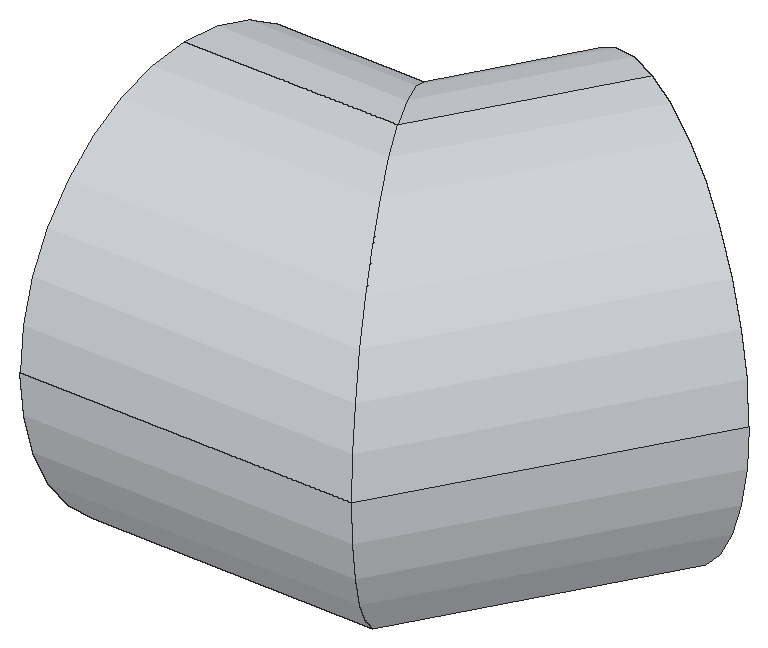
Revit family "c907300969b7421b8f8d09317ca75a7f", category Duct Fittings, Revit 2021
Family settings
  Round Connector Dimension = Use Radius
  Part Type = Elbow
  OmniClass Number = 23.75.70.14
  OmniClass Title = Air Ductwork
  Seek Item ID = Round Elbow - Mitered-0000-USA-ENU
  Work Plane-Based = No
  Always vertical = Yes
  Cut with Voids When Loaded = No
  Shared = No
Parameters (values of type "Standard")
  Shoulder [instance] = 1"
  Duct Radius [instance] = 6"
  Length1a [instance] = Duct Radius * sin(Angle)  # 5.19615"
  Length1 [instance] = Length1a + Shoulder  # 6.19615"
  Duct Diameter [instance] = Duct Radius * 2  # 12"
  Default Elevation = 0' - 0"
  Angle [instance] = 60.00°
Reference planes (in)
  plane 1 "Center (Front/Back)": y = 0
  plane 2: z = 0
  plane 3 "Center (Left/Right)": x = 0
  plane 4: x = -6.19615
Forms (in)
  Sweep 1, solid, detail levels medium+fine
    path in 3D
      loop
        line (-6.19615, 0, 0) -> (0, 0, 0) -> (3.09808, 5.36603, 0)
    profile "Duct - Round : Duct - Round" origin (-3.09808, 0, 0) x (0, 1, 0) y (0, 0, 1)
      loop
        arc (-6, 0) -> (-4.24264, -4.24264) -> (0, -6) r 6
        arc (0, -6) -> (4.24264, -4.24264) -> (6, 0) r 6
        arc (6, 0) -> (4.24264, 4.24264) -> (0, 6) r 6
        arc (0, 6) -> (-4.24264, 4.24264) -> (-6, 0) r 6
Lines and regions (in)
  reference lines
    curve 1: line (-6.19615, 0, 0) -> (0, 0, 0)
    curve 2: line (0, 0, 0) -> (3.09808, 5.36603, 0)
  sketch lines
    curve 3: line (-6.19615, 0, 0) -> (0, 0, 0)
    curve 4: line (0, 0, 0) -> (3.09808, 5.36603, 0)
  model lines, style "DuctFitting", detail levels coarse
    curve 5: line (-6.19615, 0, 0) -> (0, 0, 0)
    curve 6: line (0, 0, 0) -> (3.09808, 5.36603, 0)
Dimensions and locks (in)
  "Length1": plane 4 to plane 3 "Center (Left/Right)"
  "Length1": curve 2 to curve 2
  "Angle": angle plane 1 "Center (Front/Back)" to curve 2
  aligned and locked: plane 3 "Center (Left/Right)" to curve 1
  aligned and locked: plane 4 to curve 1
  aligned and locked: plane 1 "Center (Front/Back)" to curve 1
  aligned and locked: curve 5 to curve 1
Automatic sketch dimensions
  plane 4 to curve 5 = 0' - 0"
  curve 5 to plane 3 "Center (Left/Right)" = 0' - 0"
  curve 6 to curve 2 = 0' - 0"  (x3)
Connectors (in)
  hvac at (-6.19615, 0, 0), driven by "Duct Radius", driven by "Angle"
    settings: on Sweep 1, index 1, duct flow 0 CFM, flow factor 0, pres drop 0.00 in-wg, loss coef 0, conn angle 60.00°, conn width 12", conn height 12", conn diameter 12", duct sys type 28, conn prof type 0, flow config 0, flow direction 0, loss method 0, conn ref index 2, conn util no, is conn primary yes, conn desc ""
  hvac at (3.09808, 5.36603, 0), driven by "Duct Radius", driven by "Angle"
    settings: on Sweep 1, index 2, duct flow 0 CFM, flow factor 0, pres drop 0.00 in-wg, loss coef 0, conn angle 60.00°, conn width 12", conn height 12", conn diameter 12", duct sys type 28, conn prof type 0, flow config 0, flow direction 0, loss method 0, conn ref index 1, conn util no, is conn primary no, conn desc ""
